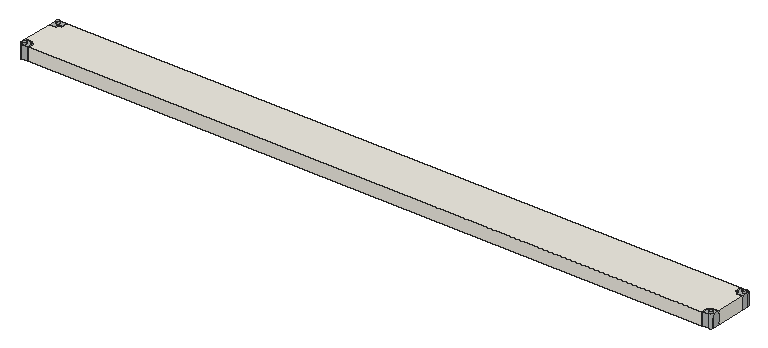
Revit family "HIGHTECH", category Осветительные приборы, Revit 2019 (continued)
Types (32, lengths in mm): name | Файл фотометрической сетки | built-in parameter 1150105 | Lumens | built-in parameter 1150106 | built-in parameter 1150142 | Wattage | Emit from Rectangle Width | Emit from Rectangle Length | Длина | Ширина | ADSK_Ток | ADSK_Полная мощность | ADSK_Обозначение | ADSK_Номинальная мощность | ADSK_Наименование | ADSK_Масса | ADSK_Код изделия
  Hightech-38/opal-sand 160х1195 (IP54, 4000К, белый) | "Светильник HIGHTECH-38 OPAL-SAND-(160x1195).IES" | 262.61 (stored number, unit not read) | 3300 lm | 2.6261 (stored number, unit not read) | "IESNA:LM-63-95\r\n[TEST] Протокол № 50-4\r\n[DATA] 08.06.2016\r\n[MORE] \r\n[MANUFAC] ЗАО \"Центрстройсвет\"\r\n[LUMCAT]  Светильник HIGHTECH-38/OPAL-SAND-(160x1195)\r\n[LUMINAIRE]\r\n[LAMPCAT] Светодиоды\r\n[LAMP] Поток источника света (светодиодов) не известен\r\n[MORE] КСС приведена в абсолютных величинах кд\r\n[MORE] Вместо потока лампы, указан поток светильника.\r\nTILT=NONE\r\n1    3290 1.0 37 73 1 2 0.16 1.195 0.04\r\n1.0 1.0 37.0\r\n0.0 5.0 10.0 15.0 20.0 25.0 30.0 35.0 40.0 45.0 50.0 55.0 60.0 65.0 70.0 75.0 80.0 85.0 90.0 95.0 100.0 105.0 110.0 115.0 120.0 125.0 130.0 135.0 140.0 145.0 150.0 155.0 160.0 165.0 170.0 175.0 180.0\r\n0.0 5.0 10.0 15.0 20.0 25.0 30.0 35.0 40.0 45.0 50.0 55.0 60.0 65.0 70.0 75.0 80.0 85.0 90.0 95.0 100.0 105.0 110.0 115.0 120.0 125.0 130.0 135.0 140.0 145.0 150.0 155.0 160.0 165.0 170.0 175.0 180.0 185.0 190.0 195.0 200.0 205.0 210.0 215.0 220.0 225.0 230.0 235.0 240.0 245.0 250.0 255.0 260.0 265.0 270.0 275.0 280.0 285.0 290.0 295.0 300.0 305.0 310.0 315.0 320.0 325.0 330.0 335.0 340.0 345.0 350.0 355.0 360.0\r\n1253.2 1246.2 1227.5 1186.2 1134.3 1080.2 1008.5 929.2 845.7 758.1 667.9 573.0 479.1 384.2 290.6 200.4 117.7 47.8 2.1 0.0 0.0 0.0 0.0 0.0 0.0 0.0 0.0 0.0 0.0 0.0 0.0 0.0 0.0 0.0 0.0 0.0 0.0\r\n1253.2 1247.0 1225.7 1188.1 1138.8 1075.1 1004.9 931.9 847.2 757.9 668.1 572.7 477.5 384.0 290.6 200.6 118.4 47.9 2.2 0.0 0.0 0.0 0.0 0.0 0.0 0.0 0.0 0.0 0.0 0.0 0.0 0.0 0.0 0.0 0.0 0.0 0.0\r\n1253.2 1248.1 1227.0 1185.9 1138.7 1078.3 1008.7 929.5 848.8 757.9 669.3 574.6 479.7 385.0 291.5 201.5 119.2 48.1 2.2 0.0 0.0 0.0 0.0 0.0 0.0 0.0 0.0 0.0 0.0 0.0 0.0 0.0 0.0 0.0 0.0 0.0 0.0\r\n1253.2 1248.7 1224.9 1187.5 1138.8 1079.1 1011.1 932.8 850.1 760.3 670.1 574.8 481.5 384.6 292.5 203.1 120.2 49.1 2.2 0.0 0.0 0.0 0.0 0.0 0.0 0.0 0.0 0.0 0.0 0.0 0.0 0.0 0.0 0.0 0.0 0.0 0.0\r\n1253.2 1248.6 1224.1 1190.2 1142.9 1083.0 1011.7 935.9 852.7 763.2 669.8 577.6 482.8 388.3 295.5 202.6 121.0 49.8 2.2 0.0 0.0 0.0 0.0 0.0 0.0 0.0 0.0 0.0 0.0 0.0 0.0 0.0 0.0 0.0 0.0 0.0 0.0\r\n1253.2 1248.4 1225.5 1191.0 1146.1 1082.8 1013.2 936.9 854.2 764.3 675.0 579.1 483.7 388.4 293.4 203.8 122.5 49.7 2.4 0.0 0.0 0.0 0.0 0.0 0.0 0.0 0.0 0.0 0.0 0.0 0.0 0.0 0.0 0.0 0.0 0.0 0.0\r\n1253.2 1248.8 1225.9 1190.7 1143.4 1085.3 1015.6 938.4 853.9 767.8 671.8 579.7 486.4 388.3 294.9 205.4 123.4 50.5 2.6 0.0 0.0 0.0 0.0 0.0 0.0 0.0 0.0 0.0 0.0 0.0 0.0 0.0 0.0 0.0 0.0 0.0 0.0\r\n1253.2 1249.7 1225.4 1191.0 1146.5 1088.4 1018.1 941.5 856.1 769.2 678.8 582.6 486.9 391.1 298.4 205.6 124.3 51.6 2.9 0.0 0.0 0.0 0.0 0.0 0.0 0.0 0.0 0.0 0.0 0.0 0.0 0.0 0.0 0.0 0.0 0.0 0.0\r\n1253.2 1250.7 1226.2 1195.1 1146.0 1088.6 1022.5 943.4 860.2 770.2 679.5 584.7 488.6 391.1 298.3 206.4 125.5 52.0 2.8 0.0 0.0 0.0 0.0 0.0 0.0 0.0 0.0 0.0 0.0 0.0 0.0 0.0 0.0 0.0 0.0 0.0 0.0\r\n1253.2 1251.4 1229.0 1197.3 1147.4 1090.4 1020.0 944.8 861.9 772.2 680.2 585.5 491.0 394.2 298.2 209.3 124.9 53.8 2.8 0.0 0.0 0.0 0.0 0.0 0.0 0.0 0.0 0.0 0.0 0.0 0.0 0.0 0.0 0.0 0.0 0.0 0.0\r\n1253.2 1251.7 1229.9 1197.2 1148.0 1091.3 1021.2 946.6 862.9 774.0 683.3 586.3 492.2 397.0 299.0 212.0 125.4 53.6 2.9 0.0 0.0 0.0 0.0 0.0 0.0 0.0 0.0 0.0 0.0 0.0 0.0 0.0 0.0 0.0 0.0 0.0 0.0\r\n1253.2 1251.7 1230.1 1196.7 1150.6 1091.6 1025.1 945.2 861.6 776.4 685.1 590.9 495.4 394.8 302.4 211.8 125.2 55.5 3.1 0.0 0.0 0.0 0.0 0.0 0.0 0.0 0.0 0.0 0.0 0.0 0.0 0.0 0.0 0.0 0.0 0.0 0.0\r\n1253.2 1251.8 1230.0 1196.4 1152.9 1093.8 1023.7 948.4 862.3 776.2 686.9 589.6 495.4 398.5 303.1 208.9 129.0 55.0 3.6 0.0 0.0 0.0 0.0 0.0 0.0 0.0 0.0 0.0 0.0 0.0 0.0 0.0 0.0 0.0 0.0 0.0 0.0\r\n1253.2 1252.2 1231.4 1198.7 1155.6 1094.2 1023.7 946.5 861.5 778.3 686.0 592.0 496.3 400.2 302.7 214.1 128.1 55.7 3.1 0.0 0.0 0.0 0.0 0.0 0.0 0.0 0.0 0.0 0.0 0.0 0.0 0.0 0.0 0.0 0.0 0.0 0.0\r\n1253.2 1252.3 1232.3 1199.1 1154.1 1095.9 1025.8 946.2 866.0 777.5 685.5 591.7 494.4 400.1 306.1 211.6 130.1 57.1 2.8 0.0 0.0 0.0 0.0 0.0 0.0 0.0 0.0 0.0 0.0 0.0 0.0 0.0 0.0 0.0 0.0 0.0 0.0\r\n1253.2 1251.6 1231.1 1199.5 1152.2 1093.5 1023.3 946.3 866.7 775.6 685.0 591.8 492.9 400.3 304.9 211.5 127.2 59.3 4.3 0.0 0.0 0.0 0.0 0.0 0.0 0.0 0.0 0.0 0.0 0.0 0.0 0.0 0.0 0.0 0.0 0.0 0.0\r\n1253.2 1250.8 1231.0 1199.3 1151.9 1093.0 1026.2 947.8 871.7 777.6 687.3 590.5 494.7 400.9 305.6 212.4 128.2 57.4 4.8 0.0 0.0 0.0 0.0 0.0 0.0 0.0 0.0 0.0 0.0 0.0 0.0 0.0 0.0 0.0 0.0 0.0 0.0\r\n1253.2 1250.0 1230.0 1195.8 1148.2 1094.9 1026.3 951.8 867.0 783.3 687.0 594.1 496.5 399.6 305.7 213.3 129.8 57.2 3.9 0.0 0.0 0.0 0.0 0.0 0.0 0.0 0.0 0.0 0.0 0.0 0.0 0.0 0.0 0.0 0.0 0.0 0.0\r\n1253.2 1249.2 1229.3 1195.6 1148.6 1091.3 1021.5 945.9 861.4 777.9 686.0 588.6 493.2 400.2 302.2 211.7 129.6 56.8 3.7 0.0 0.0 0.0 0.0 0.0 0.0 0.0 0.0 0.0 0.0 0.0 0.0 0.0 0.0 0.0 0.0 0.0 0.0\r\n1253.2 1248.3 1228.4 1192.5 1144.0 1087.6 1016.8 941.5 861.9 773.3 684.4 586.8 490.8 397.1 303.0 209.8 126.4 58.3 4.3 0.0 0.0 0.0 0.0 0.0 0.0 0.0 0.0 0.0 0.0 0.0 0.0 0.0 0.0 0.0 0.0 0.0 0.0\r\n1253.2 1247.3 1226.4 1192.4 1143.7 1084.4 1017.9 942.5 863.3 772.4 683.0 589.7 491.6 397.9 303.2 210.7 127.5 55.5 3.2 0.0 0.0 0.0 0.0 0.0 0.0 0.0 0.0 0.0 0.0 0.0 0.0 0.0 0.0 0.0 0.0 0.0 0.0\r\n1253.2 1246.1 1226.5 1190.5 1144.0 1085.0 1017.8 942.1 860.2 774.1 681.1 586.6 490.0 395.2 301.7 208.4 125.5 55.7 3.8 0.0 0.0 0.0 0.0 0.0 0.0 0.0 0.0 0.0 0.0 0.0 0.0 0.0 0.0 0.0 0.0 0.0 0.0\r\n1253.2 1245.3 1227.7 1191.4 1141.6 1083.0 1015.3 941.2 858.2 770.1 677.5 584.8 487.2 391.9 300.2 207.9 123.8 54.7 2.5 0.0 0.0 0.0 0.0 0.0 0.0 0.0 0.0 0.0 0.0 0.0 0.0 0.0 0.0 0.0 0.0 0.0 0.0\r\n1253.2 1245.0 1224.5 1188.8 1139.2 1081.8 1015.0 935.9 855.1 769.1 677.8 581.4 486.6 391.3 297.0 207.1 123.5 54.3 2.5 0.0 0.0 0.0 0.0 0.0 0.0 0.0 0.0 0.0 0.0 0.0 0.0 0.0 0.0 0.0 0.0 0.0 0.0\r\n1253.2 1244.8 1224.4 1188.1 1140.6 1079.1 1012.4 937.1 851.5 765.6 671.7 582.1 485.9 386.4 297.1 204.0 122.3 52.7 2.3 0.0 0.0 0.0 0.0 0.0 0.0 0.0 0.0 0.0 0.0 0.0 0.0 0.0 0.0 0.0 0.0 0.0 0.0\r\n1253.2 1244.4 1224.1 1186.6 1138.8 1079.5 1006.6 932.1 849.9 763.1 672.6 576.5 483.5 385.1 292.3 205.9 120.2 50.6 2.1 0.0 0.0 0.0 0.0 0.0 0.0 0.0 0.0 0.0 0.0 0.0 0.0 0.0 0.0 0.0 0.0 0.0 0.0\r\n1253.2 1244.1 1223.1 1187.3 1141.5 1079.0 1009.2 930.5 843.3 759.0 668.1 574.3 480.4 385.9 289.1 205.3 119.2 50.2 1.5 0.0 0.0 0.0 0.0 0.0 0.0 0.0 0.0 0.0 0.0 0.0 0.0 0.0 0.0 0.0 0.0 0.0 0.0\r\n1253.2 1243.9 1222.5 1185.7 1137.3 1078.6 1005.1 929.7 844.4 757.9 665.5 573.1 478.3 382.8 291.0 200.1 119.7 47.9 1.5 0.0 0.0 0.0 0.0 0.0 0.0 0.0 0.0 0.0 0.0 0.0 0.0 0.0 0.0 0.0 0.0 0.0 0.0\r\n1253.2 1243.5 1222.1 1185.2 1139.0 1075.9 1006.1 925.0 842.4 756.0 663.6 571.0 474.2 381.6 287.1 198.6 118.1 47.3 1.3 0.0 0.0 0.0 0.0 0.0 0.0 0.0 0.0 0.0 0.0 0.0 0.0 0.0 0.0 0.0 0.0 0.0 0.0\r\n1253.2 1242.9 1222.3 1186.5 1136.4 1077.1 1004.8 925.7 839.0 752.7 663.1 570.2 474.1 379.4 286.2 198.5 115.8 45.9 1.1 0.0 0.0 0.0 0.0 0.0 0.0 0.0 0.0 0.0 0.0 0.0 0.0 0.0 0.0 0.0 0.0 0.0 0.0\r\n1253.2 1242.2 1222.0 1184.3 1136.7 1074.4 1001.0 924.5 841.6 752.8 662.1 567.8 473.5 379.3 284.1 195.2 116.8 44.4 0.9 0.0 0.0 0.0 0.0 0.0 0.0 0.0 0.0 0.0 0.0 0.0 0.0 0.0 0.0 0.0 0.0 0.0 0.0\r\n1253.2 1241.7 1220.3 1183.2 1133.6 1075.2 1003.5 925.7 838.8 750.4 659.2 565.7 472.5 376.3 284.0 193.6 115.2 43.5 0.9 0.0 0.0 0.0 0.0 0.0 0.0 0.0 0.0 0.0 0.0 0.0 0.0 0.0 0.0 0.0 0.0 0.0 0.0\r\n1253.2 1241.4 1218.5 1184.3 1135.7 1073.2 1002.8 921.5 838.8 748.8 658.6 565.6 468.2 374.8 282.4 192.9 113.7 43.5 0.8 0.0 0.0 0.0 0.0 0.0 0.0 0.0 0.0 0.0 0.0 0.0 0.0 0.0 0.0 0.0 0.0 0.0 0.0\r\n1253.2 1241.4 1218.6 1183.1 1130.7 1071.2 999.0 920.3 835.8 750.7 658.1 563.0 469.5 374.5 280.7 191.7 112.7 42.7 0.7 0.0 0.0 0.0 0.0 0.0 0.0 0.0 0.0 0.0 0.0 0.0 0.0 0.0 0.0 0.0 0.0 0.0 0.0\r\n1253.2 1241.3 1217.8 1181.3 1131.6 1070.5 998.2 922.3 837.6 747.9 655.1 564.4 468.1 372.3 280.4 191.6 111.0 42.2 0.6 0.0 0.0 0.0 0.0 0.0 0.0 0.0 0.0 0.0 0.0 0.0 0.0 0.0 0.0 0.0 0.0 0.0 0.0\r\n1253.2 1241.0 1216.1 1181.3 1130.1 1067.2 998.7 919.4 839.2 746.8 655.1 564.1 466.7 372.3 280.2 191.4 110.2 42.1 0.6 0.0 0.0 0.0 0.0 0.0 0.0 0.0 0.0 0.0 0.0 0.0 0.0 0.0 0.0 0.0 0.0 0.0 0.0\r\n1253.2 1240.4 1215.6 1179.7 1131.7 1069.3 996.7 921.0 835.4 746.9 655.8 561.8 467.8 371.7 279.1 190.4 110.2 41.6 0.6 0.0 0.0 0.0 0.0 0.0 0.0 0.0 0.0 0.0 0.0 0.0 0.0 0.0 0.0 0.0 0.0 0.0 0.0\r\n1253.2 1239.5 1216.6 1179.0 1129.6 1067.7 998.0 916.4 834.1 745.2 656.0 562.7 466.5 373.0 278.9 190.0 109.6 41.5 0.6 0.0 0.0 0.0 0.0 0.0 0.0 0.0 0.0 0.0 0.0 0.0 0.0 0.0 0.0 0.0 0.0 0.0 0.0\r\n1253.2 1239.0 1216.7 1177.5 1129.3 1069.9 998.7 918.3 834.7 746.3 653.6 561.1 467.4 372.8 278.3 191.1 109.9 41.4 0.6 0.0 0.0 0.0 0.0 0.0 0.0 0.0 0.0 0.0 0.0 0.0 0.0 0.0 0.0 0.0 0.0 0.0 0.0\r\n1253.2 1239.5 1216.7 1178.7 1129.2 1067.3 998.6 919.3 834.7 748.6 655.2 562.4 466.3 372.8 279.4 191.2 110.4 41.4 0.7 0.0 0.0 0.0 0.0 0.0 0.0 0.0 0.0 0.0 0.0 0.0 0.0 0.0 0.0 0.0 0.0 0.0 0.0\r\n1253.2 1240.6 1216.6 1180.1 1128.8 1068.4 994.8 917.9 836.9 745.7 654.9 561.1 466.7 372.1 280.2 190.2 111.7 41.8 0.8 0.0 0.0 0.0 0.0 0.0 0.0 0.0 0.0 0.0 0.0 0.0 0.0 0.0 0.0 0.0 0.0 0.0 0.0\r\n1253.2 1241.2 1216.1 1179.9 1127.4 1065.9 996.0 919.2 835.3 746.0 655.8 563.8 468.6 375.3 281.2 191.3 113.1 42.3 0.9 0.0 0.0 0.0 0.0 0.0 0.0 0.0 0.0 0.0 0.0 0.0 0.0 0.0 0.0 0.0 0.0 0.0 0.0\r\n1253.2 1241.0 1216.3 1176.6 1129.1 1067.9 995.3 921.4 836.5 750.5 659.1 565.1 472.3 374.2 282.1 193.4 114.1 42.9 1.0 0.0 0.0 0.0 0.0 0.0 0.0 0.0 0.0 0.0 0.0 0.0 0.0 0.0 0.0 0.0 0.0 0.0 0.0\r\n1253.2 1240.9 1216.4 1179.2 1127.6 1067.9 999.6 922.8 840.5 750.6 659.2 565.9 471.1 376.1 284.7 194.3 114.0 43.6 1.1 0.0 0.0 0.0 0.0 0.0 0.0 0.0 0.0 0.0 0.0 0.0 0.0 0.0 0.0 0.0 0.0 0.0 0.0\r\n1253.2 1241.1 1216.1 1182.2 1131.4 1067.7 1001.1 924.3 841.6 753.0 661.5 569.1 473.5 377.1 284.8 195.9 116.1 44.9 1.0 0.0 0.0 0.0 0.0 0.0 0.0 0.0 0.0 0.0 0.0 0.0 0.0 0.0 0.0 0.0 0.0 0.0 0.0\r\n1253.2 1241.0 1215.7 1178.5 1126.3 1066.3 1000.7 925.3 843.0 754.9 662.8 570.6 473.8 381.2 285.7 197.9 115.6 46.3 1.0 0.0 0.0 0.0 0.0 0.0 0.0 0.0 0.0 0.0 0.0 0.0 0.0 0.0 0.0 0.0 0.0 0.0 0.0\r\n1253.2 1240.6 1216.9 1179.9 1130.2 1069.8 1003.0 926.7 841.9 755.2 665.8 571.2 478.8 381.2 287.4 199.7 116.2 48.7 1.2 0.0 0.0 0.0 0.0 0.0 0.0 0.0 0.0 0.0 0.0 0.0 0.0 0.0 0.0 0.0 0.0 0.0 0.0\r\n1253.2 1240.2 1217.8 1181.5 1132.1 1074.5 1004.8 929.2 844.5 758.5 667.0 573.0 480.0 385.0 289.8 201.9 116.8 49.9 1.8 0.0 0.0 0.0 0.0 0.0 0.0 0.0 0.0 0.0 0.0 0.0 0.0 0.0 0.0 0.0 0.0 0.0 0.0\r\n1253.2 1240.0 1217.8 1181.0 1132.5 1073.7 1006.5 927.4 845.6 762.4 670.0 575.5 480.5 385.9 289.4 203.7 119.7 48.6 2.2 0.0 0.0 0.0 0.0 0.0 0.0 0.0 0.0 0.0 0.0 0.0 0.0 0.0 0.0 0.0 0.0 0.0 0.0\r\n1253.2 1240.1 1217.6 1182.8 1133.1 1076.6 1007.5 930.0 846.5 762.7 668.8 577.0 482.3 389.1 292.7 202.8 123.7 49.1 1.8 0.0 0.0 0.0 0.0 0.0 0.0 0.0 0.0 0.0 0.0 0.0 0.0 0.0 0.0 0.0 0.0 0.0 0.0\r\n1253.2 1240.7 1218.2 1183.4 1135.8 1075.9 1012.2 932.5 849.2 763.2 670.4 578.3 484.0 386.6 296.5 204.3 120.7 52.9 1.5 0.0 0.0 0.0 0.0 0.0 0.0 0.0 0.0 0.0 0.0 0.0 0.0 0.0 0.0 0.0 0.0 0.0 0.0\r\n1253.2 1241.9 1218.2 1184.0 1135.3 1079.4 1008.5 935.4 854.3 762.1 675.0 581.5 483.5 390.0 296.7 205.3 122.0 52.4 2.7 0.0 0.0 0.0 0.0 0.0 0.0 0.0 0.0 0.0 0.0 0.0 0.0 0.0 0.0 0.0 0.0 0.0 0.0\r\n1253.2 1243.2 1219.3 1183.9 1135.5 1077.7 1013.9 936.1 854.3 766.4 675.2 581.0 485.9 389.4 297.6 206.4 122.6 54.2 3.1 0.0 0.0 0.0 0.0 0.0 0.0 0.0 0.0 0.0 0.0 0.0 0.0 0.0 0.0 0.0 0.0 0.0 0.0\r\n1253.2 1244.0 1222.4 1184.1 1138.0 1078.9 1011.1 936.7 854.8 768.1 677.4 581.9 486.5 391.6 297.0 207.3 125.4 53.2 2.1 0.0 0.0 0.0 0.0 0.0 0.0 0.0 0.0 0.0 0.0 0.0 0.0 0.0 0.0 0.0 0.0 0.0 0.0\r\n1253.2 1245.1 1223.0 1185.9 1136.6 1078.1 1013.2 934.0 852.8 768.3 673.3 580.9 485.6 389.0 296.7 206.9 123.9 53.7 2.4 0.0 0.0 0.0 0.0 0.0 0.0 0.0 0.0 0.0 0.0 0.0 0.0 0.0 0.0 0.0 0.0 0.0 0.0\r\n1253.2 1246.5 1221.7 1184.4 1137.6 1081.8 1014.6 939.7 852.6 767.0 674.1 582.3 486.0 392.8 300.8 207.8 123.0 54.8 3.5 0.0 0.0 0.0 0.0 0.0 0.0 0.0 0.0 0.0 0.0 0.0 0.0 0.0 0.0 0.0 0.0 0.0 0.0\r\n1253.2 1247.3 1220.9 1185.7 1134.8 1076.8 1013.3 936.0 854.4 763.6 674.5 580.5 485.8 392.0 298.4 206.3 125.4 54.8 3.5 0.0 0.0 0.0 0.0 0.0 0.0 0.0 0.0 0.0 0.0 0.0 0.0 0.0 0.0 0.0 0.0 0.0 0.0\r\n1253.2 1247.3 1220.0 1183.6 1137.4 1077.7 1008.6 934.0 851.9 764.5 674.6 582.7 486.3 390.6 297.8 207.3 122.1 55.5 2.7 0.0 0.0 0.0 0.0 0.0 0.0 0.0 0.0 0.0 0.0 0.0 0.0 0.0 0.0 0.0 0.0 0.0 0.0\r\n1253.2 1246.8 1218.3 1185.0 1134.6 1074.3 1009.0 934.4 851.3 764.4 672.5 583.8 483.7 389.6 297.1 206.6 124.9 52.8 3.1 0.0 0.0 0.0 0.0 0.0 0.0 0.0 0.0 0.0 0.0 0.0 0.0 0.0 0.0 0.0 0.0 0.0 0.0\r\n1253.2 1246.1 1219.3 1182.3 1135.7 1077.7 1009.0 933.8 849.1 763.5 673.4 578.9 484.7 389.4 295.7 207.6 122.6 53.6 3.1 0.0 0.0 0.0 0.0 0.0 0.0 0.0 0.0 0.0 0.0 0.0 0.0 0.0 0.0 0.0 0.0 0.0 0.0\r\n1253.2 1245.5 1221.2 1184.2 1134.1 1074.3 1008.5 932.6 849.3 764.8 671.3 578.2 486.2 386.3 296.1 205.6 122.8 53.1 2.6 0.0 0.0 0.0 0.0 0.0 0.0 0.0 0.0 0.0 0.0 0.0 0.0 0.0 0.0 0.0 0.0 0.0 0.0\r\n1253.2 1245.3 1222.3 1181.3 1137.1 1078.8 1006.0 929.4 850.7 761.6 669.5 576.3 483.0 387.3 293.8 206.9 120.4 52.8 2.5 0.0 0.0 0.0 0.0 0.0 0.0 0.0 0.0 0.0 0.0 0.0 0.0 0.0 0.0 0.0 0.0 0.0 0.0\r\n1253.2 1245.4 1220.5 1184.2 1133.6 1075.2 1009.5 932.6 848.6 757.7 670.4 574.2 481.9 385.5 294.7 204.1 122.8 51.6 2.3 0.0 0.0 0.0 0.0 0.0 0.0 0.0 0.0 0.0 0.0 0.0 0.0 0.0 0.0 0.0 0.0 0.0 0.0\r\n1253.2 1245.3 1220.7 1182.4 1138.5 1074.4 1007.3 928.9 845.9 758.6 667.3 577.0 480.3 385.2 292.5 202.1 122.2 50.0 2.5 0.0 0.0 0.0 0.0 0.0 0.0 0.0 0.0 0.0 0.0 0.0 0.0 0.0 0.0 0.0 0.0 0.0 0.0\r\n1253.2 1245.1 1219.5 1182.9 1136.0 1077.5 1004.9 927.6 844.3 760.3 666.7 573.3 477.6 388.0 290.0 204.5 120.6 50.1 2.2 0.0 0.0 0.0 0.0 0.0 0.0 0.0 0.0 0.0 0.0 0.0 0.0 0.0 0.0 0.0 0.0 0.0 0.0\r\n1253.2 1245.4 1221.4 1184.0 1135.0 1076.2 1007.0 927.5 848.0 756.8 666.9 574.1 479.2 385.1 290.6 202.4 121.3 48.9 2.1 0.0 0.0 0.0 0.0 0.0 0.0 0.0 0.0 0.0 0.0 0.0 0.0 0.0 0.0 0.0 0.0 0.0 0.0\r\n1253.2 1245.8 1222.8 1182.5 1134.6 1074.6 1006.5 931.3 844.1 755.4 665.5 574.0 477.8 384.3 291.6 201.6 119.6 48.1 2.1 0.0 0.0 0.0 0.0 0.0 0.0 0.0 0.0 0.0 0.0 0.0 0.0 0.0 0.0 0.0 0.0 0.0 0.0\r\n1253.2 1246.3 1222.6 1182.5 1135.6 1074.3 1006.0 928.3 846.9 757.8 665.0 572.1 477.5 383.3 290.2 200.0 118.4 47.3 2.1 0.0 0.0 0.0 0.0 0.0 0.0 0.0 0.0 0.0 0.0 0.0 0.0 0.0 0.0 0.0 0.0 0.0 0.0\r\n1253.2 1247.0 1224.6 1182.1 1135.8 1074.9 1003.5 929.0 846.9 758.5 665.1 572.3 475.9 383.2 288.8 199.7 118.7 47.1 2.1 0.0 0.0 0.0 0.0 0.0 0.0 0.0 0.0 0.0 0.0 0.0 0.0 0.0 0.0 0.0 0.0 0.0 0.0\r\n1253.2 1247.6 1222.3 1183.0 1134.1 1073.0 1003.8 928.7 844.0 759.1 665.7 570.0 477.0 383.9 288.2 200.0 118.2 47.4 2.1 0.0 0.0 0.0 0.0 0.0 0.0 0.0 0.0 0.0 0.0 0.0 0.0 0.0 0.0 0.0 0.0 0.0 0.0\r\n1253.2 1247.3 1222.8 1183.5 1131.8 1076.8 1003.8 927.4 845.0 753.8 664.0 572.2 476.8 383.2 289.4 200.5 117.8 47.2 2.2 0.0 0.0 0.0 0.0 0.0 0.0 0.0 0.0 0.0 0.0 0.0 0.0 0.0 0.0 0.0 0.0 0.0 0.0\r\n1253.2 1246.4 1225.8 1185.8 1133.6 1077.4 1005.5 928.8 844.9 757.8 665.7 573.3 477.7 383.5 289.5 200.5 117.6 47.3 2.2 0.0 0.0 0.0 0.0 0.0 0.0 0.0 0.0 0.0 0.0 0.0 0.0 0.0 0.0 0.0 0.0 0.0 0.0\r\n1253.2 1246.2 1227.5 1186.2 1134.3 1080.2 1008.5 929.2 845.7 758.1 667.9 573.0 479.1 384.2 290.6 200.4 117.7 47.8 2.1 0.0 0.0 0.0 0.0 0.0 0.0 0.0 0.0 0.0 0.0 0.0 0.0 0.0 0.0 0.0 0.0 0.0 0.0\r\n" | 22.2159 W | 120 | 1155 | 1195 | 160 | 0.179584 A | 41.3043 VA | "Hightech-38/opal-sand 160х1195 (IP54, 4000К, белый)" | 38 W | "Универсальный светодиодный светильник Hightech-38/opal-sand 160х1195 (IP54, 4000К, белый)" | 1.6 | "ЦБ000009677"
